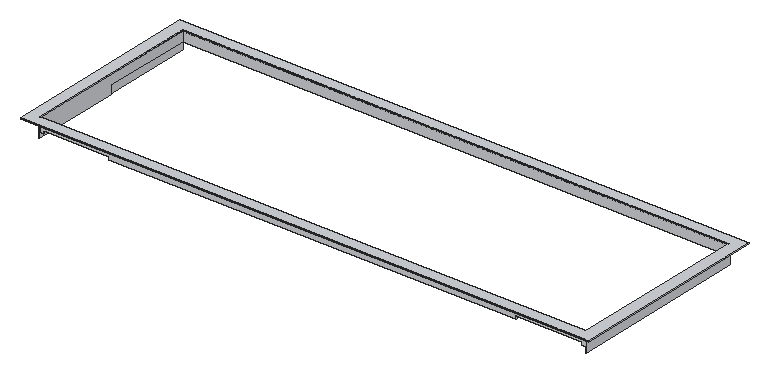
Revit family "DRLT48", category Generic Models, host Face, Revit 2019
Family settings
  Host = Face
  Can host rebar = No
  Round Connector Dimension = Use Diameter
  Part Type = Normal
  Cut with Voids When Loaded = No
  Shared = No
  Room Calculation Point = No
Parameters
  Default Elevation = 48.00"
Reference planes (in)
  plane 1 "Center (Front/Back)": y = 0
  plane 2: z = 0
  plane 3 "Center (Left/Right)": x = 0
Forms (in)
  Extrusion 1, solid
    sketch origin (0, 0, 0) x (1, 0, 0) y (0, 1, 0)
      loop
        line (26.097, 9.1769) -> (-26.097, 9.1769) -> (-26.097, -9.1789) -> (26.097, -9.1789) -> (26.097, 9.1769)
      loop
        line (25.097, 8.177) -> (-25.097, 8.177) -> (-25.097, -8.177) -> (25.097, -8.177) -> (25.097, 8.177)
    from 0 to 0.09
  Extrusion 2, solid
    sketch origin (0, 0, 0) x (1, 0, 0) y (0, 1, 0)
      loop
        line (25.097, 8.177) -> (-25.097, 8.177) -> (-25.097, -8.177) -> (25.097, -8.177) -> (25.097, 8.177)
      loop
        line (25.158, 8.232) -> (-25.158, 8.232) -> (-25.158, -8.2399) -> (25.158, -8.2399) -> (25.158, 8.232)
    from 0 to -1.66
  Extrusion 3, void
    sketch origin (0, 0, 0) x (1, 0, 0) y (0, 0, 1)
      loop
        line (-25.127, -0.9091) -> (-25.127, -1.66) -> (25.127, -1.66) -> (25.127, -0.9091) -> (-25.127, -0.9091)
    from -9.107 to 0
  Extrusion 4, void
    sketch origin (0, 0, 0) x (1, 0, 0) y (0, 0, 1)
      loop
        line (-24.73515, -0.9091) -> (-24.73515, -1.1591) -> (-25.097, -1.1591) -> (-25.097, -1.66) -> (25.127, -1.66) -> (25.127, -1.1591) -> (24.73515, -1.1591) -> (24.73515, -0.9091) -> (18.6919, -0.9091) -> (18.6919, -1.1591) -> (-18.6919, -1.1591) -> (-18.6919, -0.9091) -> (-24.73515, -0.9091)
    from 0 to 9.107
Cuts and joins
  Extrusion 3, Extrusion 4 cuts Extrusion 2
Dimensions and locks (in)
  aligned and locked: plane 2 to host face
  aligned and locked: level to host face
